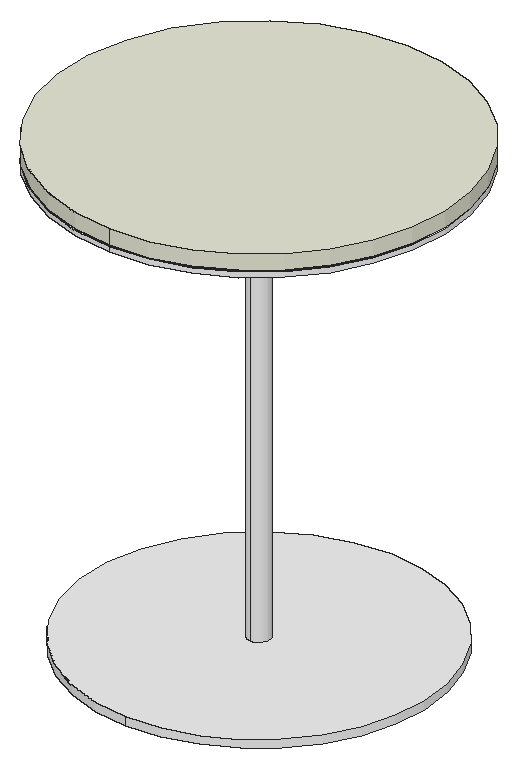
Revit family
Parameters (values of type "Solid Top (22")")
  Width = 1' - 6"  # constant formula
  URL = "http://elanbydecca.com/"
  Tray Top = no
  Top [instance] = Furniture - DECCA (Elan) - Plateau - Tray Top
  Solid Top = yes
  Base [instance] = Furniture - DECCA (Elan) - Plateau - Base
  Product URL = "http://elanbydecca.com/PDFs/elan_tearsheet-plateau.pdf"
  Model = "DG ST210"
  Manufacturer = "Decca Contract"
  Height = 1' - 10"
  Description = "Plateau Side Table"
  Depth = 1' - 6"  # constant formula
  Assembly Description = "Furniture & Accessories"
  Assembly Code = "E2020200"
Types (5): name | Tray Top | Solid Top | Model | Height
  (no name) | no | yes | "DG ST210" | 1' - 10"
  Tray Top (16") | yes | no | "DG ST205" | 1' - 4"
  Tray Top (22") | yes | no | "DG ST210" | 1' - 10"
  Solid Top (16") | no | yes | "DG ST205" | 1' - 4"
  Solid Top (22") | no | yes | "DG ST210" | 1' - 10"
Reference planes (in)
  plane 1 "Center Front/Back": y = -0.7524
  plane 2: z = 0
  plane 3 "Center Left/Right": x = 0
  plane 4 "L": x = -9
  plane 5 "R": x = 9
  plane 6 "F": y = -9.7524
  plane 7: y = 8.2476
  plane 8: through (-6.25338, 2.33237, 23.38953) normal (0.4297, -0.4297, 0.7941)
  plane 9: z = 22
  plane 10: x = -8
  plane 11: x = 8
  plane 12: y = 7.2476
  plane 13: y = -8.7524
  plane 14: z = 0.125
  plane 15: z = 0.5
  plane 16: z = 21
  plane 17: z = 21.23437
  plane 18: z = 21.3125
  plane 19: z = 21.46875
  plane 20: x = -8.91971
Forms (in)
  Extrusion 1, solid, material "Furniture - DECCA (Elan) - Plateau - Base" <- "Base"
    sketch origin (0, 0, 8.32075) x (0, -1, 0) y (1, 0, 0)
      loop
        circle (0.7524, 0) r 8
    from -8.19575 to -7.82075
  Extrusion 2, solid, material "Furniture - DECCA (Elan) - Plateau - Base" <- "Base"
    sketch origin (0, 0, 8.32075) x (0, -1, 0) y (1, 0, 0)
      loop
        circle (0.7524, 0) r 0.5
    from -7.82075 to 12.67925
  Extrusion 3, solid, material "Furniture - DECCA (Elan) - Plateau - Base" <- "Base"
    sketch origin (0, 0, 8.32075) x (0, -1, 0) y (1, 0, 0)
      loop
        circle (0.7524, 0) r 9
    from 12.67925 to 12.91363
  Extrusion 4, solid, material "Furniture - DECCA (Elan) - Plateau - Base" <- "Base"
    sketch origin (0, 0, 8.32075) x (0, -1, 0) y (1, 0, 0)
      loop
        circle (0.7524, 0) r 8.91971
    from 12.91363 to 12.99175
  Revolve 5, solid, material "Furniture - DECCA (Elan) - Plateau - Tray Top" <- "Top", visible <- "Tray Top"
    sketch origin (0, -0.7524, 0) x (1, 0, 0) y (0, 0, 1)
      loop
        line (-9, 22) -> (-9, 21.3125) -> (0, 21.3125) -> (0, 21.46875) -> (-8.75, 21.46875) -> (-8.75, 21.79419) -> (-8.95581, 22) -> (-9, 22)
      axis (0, 22) -> (0, 21.3125)
    angle from 0 to 360
  Extrusion 6, solid, material "Furniture - DECCA (Elan) - Plateau - Base" <- "Base"
    sketch origin (0, 0, 8.32075) x (0, -1, 0) y (1, 0, 0)
      loop
        circle (0.7524, -7.24757) r 0.25
      loop
        circle (0.7524, 7.24757) r 0.25
      loop
        circle (7.99997, 0) r 0.25
      loop
        circle (-6.49517, 0) r 0.25
    from -8.32075 to -8.19575
  Extrusion 7, solid, material "Furniture - DECCA (Elan) - Plateau - Tray Top" <- "Top", visible <- "Solid Top"
    sketch origin (0, 0, 8.32075) x (0, -1, 0) y (1, 0, 0)
      loop
        circle (0.7524, 0) r 9
    from 12.99175 to 13.67925
Cuts and joins
  joined: Extrusion 1, Extrusion 2, Extrusion 3, Extrusion 4, Extrusion 6
Dimensions and locks (in)
  equal spacing: plane 4 "L", plane 3 "Center Left/Right", plane 5 "R"
  equal spacing: plane 7, plane 1 "Center Front/Back", plane 6 "F"
  "Width": plane 4 "L" to plane 5 "R"
  "Depth": plane 7 to plane 6 "F"
  "Height": plane 9 to level
  locked: plane 10 to plane 4 "L" at 1
  locked: plane 11 to plane 5 "R" at 1
  locked: plane 7 to plane 12 at 1
  locked: plane 13 to plane 6 "F" at 1
  plane 15 to plane 14 to level = 0' - 0 3/8" locked, 0' - 0 1/8" locked
  plane 9 to plane 18 to plane 17 to plane 16 = 0' - 0 11/16" locked, 0' - 0 5/64" locked, 0' - 0 15/64" locked
  locked: plane 19 to plane 18 at 0.15625
  aligned and locked: plane 14 to Extrusion 1
  aligned and locked: Extrusion 1 to plane 15
  aligned and locked: plane 15 to Extrusion 2
  aligned and locked: plane 17 to Extrusion 3
  aligned and locked: Extrusion 3 to plane 16
  aligned and locked: plane 16 to Extrusion 2
  aligned and locked: Extrusion 4 to plane 17
  aligned and locked: plane 18 to Extrusion 4
  aligned and locked: Revolve 5 sketch curve to plane 3 "Center Left/Right"
  aligned and locked: Extrusion 6 to level
  aligned and locked: Extrusion 6 to plane 14
  aligned and locked: plane 9 to Extrusion 7
  aligned and locked: Extrusion 7 to plane 18
Automatic sketch dimensions
  plane 1 "Center Front/Back" to Extrusion 1 sketch curve = 0' - 0"
  Extrusion 1 sketch curve to plane 3 "Center Left/Right" = 0' - 0"
  plane 1 "Center Front/Back" to Extrusion 2 sketch curve = 0' - 0"
  Extrusion 2 sketch curve to plane 3 "Center Left/Right" = 0' - 0"
  plane 1 "Center Front/Back" to Extrusion 3 sketch curve = 0' - 0"
  Extrusion 3 sketch curve to plane 3 "Center Left/Right" = 0' - 0"
  plane 1 "Center Front/Back" to Extrusion 4 sketch curve = 0' - 0"
  Extrusion 4 sketch curve to plane 3 "Center Left/Right" = 0' - 0"
  Revolve 5 sketch curve to plane 4 "L" = 0' - 0"
  Revolve 5 sketch curve to plane 9 = 0' - 0"
  Revolve 5 sketch curve to plane 19 = 0' - 0"
  Revolve 5 sketch curve to plane 3 "Center Left/Right" = 0' - 0"
  Revolve 5 sketch curve to plane 18 = 0' - 0"
  Revolve 5 sketch curve to plane 20 = 0' - 0.0361"
  plane 20 to Revolve 5 sketch curve = 0' - 0.16971"
  Revolve 5 sketch curve to level = 2' - 0"
  Revolve 5 sketch curve to plane 9 = 0' - 0.20581"
  plane 9 to Revolve 5 sketch curve = 6' - 7.33184"
  Extrusion 6 sketch curve to plane 3 "Center Left/Right" = 0' - 0"  (x2)
  plane 1 "Center Front/Back" to Extrusion 6 sketch curve = 0' - 0"  (x2)
  Extrusion 6 sketch curve to plane 12 = 0' - 0.75243"
  Extrusion 6 sketch curve to plane 13 = 0' - 0.75243"
  plane 10 to Extrusion 6 sketch curve = 0' - 0.75243"
  plane 11 to Extrusion 6 sketch curve = 0' - 0.75243"
  plane 1 "Center Front/Back" to Extrusion 7 sketch curve = 0' - 0"
  Extrusion 7 sketch curve to plane 3 "Center Left/Right" = 0' - 0"
  radius of Extrusion 1 sketch curve = 0' - 8"
  radius of Extrusion 2 sketch curve = 0' - 0 1/2"
  radius of Extrusion 3 sketch curve = 0' - 9"
  radius of Extrusion 4 sketch curve = 0' - 8.91971"
  radius of Extrusion 6 sketch curve = 0' - 0 1/4"  (x4)
  radius of Extrusion 7 sketch curve = 0' - 9"
